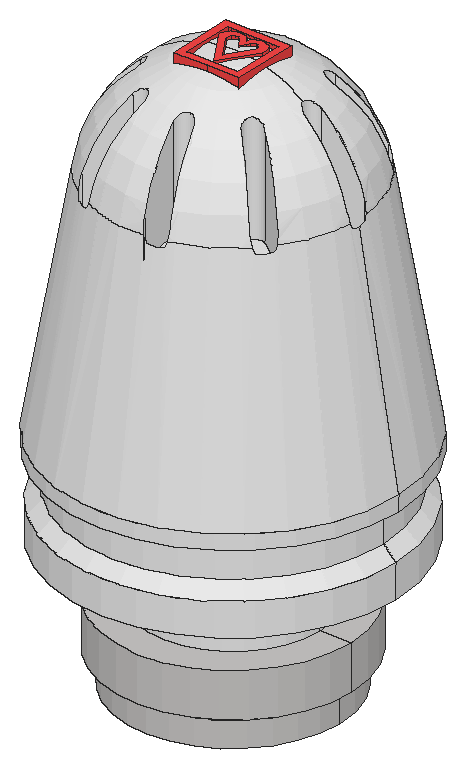
Revit family "HERZ-Thermostatkopf MINI Turbo M28x1.5 9200 16", category Rohrzubehör, Revit 2019
Family settings
  Bemaßung runder Anschluss = Durchmesser verwenden
  Teiletyp = Normal
  OmniClass-Nummer = 23.65.55.14
  OmniClass-Titel = Valves for Liquid Services
  Arbeitsebenenbasiert = Nein
  Immer vertikal = Nein
  Beim Laden mit Abzugskörper schneiden = Nein
  Gemeinsam genutzt = Nein
Parameters
  URL = "www.herz-armaturen.at"
  Thermostatkopf = "Kunststoff, weiß"  # constant formula
  Sollwertbereich = "6-28°C"  # constant formula
  S02 = 60 mm  # constant formula
  S01 = 73 mm  # constant formula
  Nullstellung = "Heizkörperthermostat mit Flüssigkeitsfühler (Hydrosensor) mit Stellung „0“, Frostsicherung einstellbar, mit Begrenzung und Blockierung des Sollwertbereiches."
  Hersteller = "HERZ Armaturen Ges.m.b.H."  # constant formula
  Funktionsweise = "Der HERZ-Thermostat dient als Fühl- und Regelelement. Durch die Volumsänderung der Flüssigkeitsfüllung im HERZ-Hydrosensor wird die Schubspindel des Ventils bewegt."
  Frostsicherung bei = 6 °C  # constant formula
  Sollwertbereich Frostsicherung = "6-28°C"  # constant formula
  Frostsicherung = "Heizkörperthermostat  mit  Flüssigkeitsfühler  (Hydrosensor)  mit  automatischer  Frostsicherung  und  Be-grenzung und Blockierung des Sollwertbereiches."
  Bestellnummer = 1920016  # constant formula
  Anwendungen = "Zur Montage auf Ventilen, die für thermostatischen Betrieb eingerichtet sind.Artikelnummern, Dimensionen und Lieferform der HERZ Ventile sind den jeweiligen Produktnormblättern zu entnehmen."
Reference planes
  plane 1 "Mitte (Vorne/hinten)": y = 0
  plane 2: z = 0
  plane 3 "Mitte (Links/rechts)": x = 0
Forms (mm)
  Revolve 1, solid, material "Kunststoff weiß", detail levels fine
    sketch origin (0, 0, 0) x (1, 0, 0) y (0, 0, 1)
      loop
        line (0, 0) -> (0, 73)
        arc (0, 73) -> (-11.397, 68.78) -> (-17.297, 58.156) r 17.5
        arc (-17.297, 58.156) -> (-20.011, 42.065) -> (-22.88, 26) r 1681.293
        line (-22.88, 26) -> (-22.88, 24) -> (-20.75, 24) -> (-20.75, 19.25) -> (-22.5, 17.5) -> (-22.5, 13) -> (-12.8, 13)
        arc (-12.8, 13) -> (-12.234, 12.766) -> (-12, 12.2) r 0.8
        line (-12, 12.2) -> (-12, 4.8) -> (-13.2, 4.8) -> (-13.2, 0) -> (0, 0)
      axis (0, 73) -> (0, 0)
    angle from 0 to 360
  Revolve 2, solid, material "Messing verzinkt", detail levels fine
    sketch origin (0, 0, 0) x (1, 0, 0) y (0, 0, 1)
      loop
        line (0, 0) -> (0, 5.5) -> (-16.35, 5.5) -> (-16.35, -0.576) -> (-14.75, -1.5) -> (-14.75, -5) -> (-13.35, -5) -> (-13.35, 0) -> (0, 0)
      axis (0, 5.5) -> (0, -5)
    angle from 0 to 360
  Extrusion 3, void
    sketch origin (0, 0, 0) x (1, 0, 0) y (0, 1, 0)
      loop
        arc (11.027, 1.298) -> (9.8, 0) -> (11.027, -1.298) r 1.3
        line (11.027, -1.298) -> (16.77, -1.62)
        arc (16.77, -1.62) -> (17.178, -1.485) -> (17.384, -1.107) r 0.586
        arc (17.384, -1.107) -> (17.453, 0.011) -> (17.382, 1.129) r 9
        arc (17.382, 1.129) -> (17.183, 1.492) -> (16.79, 1.621) r 0.564
        line (16.79, 1.621) -> (11.027, 1.298)
      loop
        line (9.282, 6.094) -> (13.904, 9.55)
        arc (13.904, 9.55) -> (14.121, 9.902) -> (14.04, 10.308) r 0.564
        arc (14.04, 10.308) -> (13.376, 11.21) -> (12.605, 12.023) r 9
        arc (12.605, 12.023) -> (12.205, 12.18) -> (11.805, 12.021) r 0.586
        line (11.805, 12.021) -> (7.613, 8.082)
        arc (7.613, 8.082) -> (7.507, 6.299) -> (9.282, 6.094) r 1.3
      loop
        arc (0.637, 11.085) -> (1.702, 9.651) -> (3.193, 10.634) r 1.3
        line (3.193, 10.634) -> (4.508, 16.234)
        arc (4.508, 16.234) -> (4.445, 16.659) -> (4.109, 16.928) r 0.586
        arc (4.109, 16.928) -> (3.02, 17.189) -> (1.907, 17.313) r 9
        arc (1.907, 17.313) -> (1.515, 17.181) -> (1.319, 16.816) r 0.564
        line (1.319, 16.816) -> (0.637, 11.085)
      loop
        line (-4.39, 10.199) -> (-6.991, 15.351)
        arc (-6.991, 15.351) -> (-7.3, 15.626) -> (-7.713, 15.617) r 0.564
        arc (-7.713, 15.617) -> (-8.717, 15.12) -> (-9.651, 14.501) r 9
        arc (-9.651, 14.501) -> (-9.875, 14.134) -> (-9.788, 13.713) r 0.586
        line (-9.788, 13.713) -> (-6.638, 8.901)
        arc (-6.638, 8.901) -> (-4.9, 8.487) -> (-4.39, 10.199) r 1.3
      loop
        arc (-10.806, 2.552) -> (-9.209, 3.352) -> (-9.918, 4.991) r 1.3
        line (-9.918, 4.991) -> (-15.204, 7.258)
        arc (-15.204, 7.258) -> (-15.634, 7.271) -> (-15.957, 6.986) r 0.586
        arc (-15.957, 6.986) -> (-16.404, 5.959) -> (-16.719, 4.884) r 9
        arc (-16.719, 4.884) -> (-16.657, 4.475) -> (-16.332, 4.219) r 0.564
        line (-16.332, 4.219) -> (-10.806, 2.552)
      loop
        line (-10.806, -2.552) -> (-16.332, -4.219)
        arc (-16.332, -4.219) -> (-16.657, -4.475) -> (-16.719, -4.884) r 0.564
        arc (-16.719, -4.884) -> (-16.404, -5.959) -> (-15.957, -6.986) r 9
        arc (-15.957, -6.986) -> (-15.634, -7.271) -> (-15.204, -7.258) r 0.586
        line (-15.204, -7.258) -> (-9.918, -4.991)
        arc (-9.918, -4.991) -> (-9.209, -3.352) -> (-10.806, -2.552) r 1.3
      loop
        arc (9.282, -6.094) -> (7.507, -6.299) -> (7.613, -8.082) r 1.3
        line (7.613, -8.082) -> (11.805, -12.021)
        arc (11.805, -12.021) -> (12.205, -12.18) -> (12.605, -12.023) r 0.586
        arc (12.605, -12.023) -> (13.376, -11.21) -> (14.04, -10.308) r 9
        arc (14.04, -10.308) -> (14.121, -9.902) -> (13.904, -9.55) r 0.564
        line (13.904, -9.55) -> (9.282, -6.094)
      loop
        line (0.637, -11.085) -> (1.319, -16.816)
        arc (1.319, -16.816) -> (1.515, -17.181) -> (1.907, -17.313) r 0.564
        arc (1.907, -17.313) -> (3.02, -17.189) -> (4.109, -16.928) r 9
        arc (4.109, -16.928) -> (4.445, -16.659) -> (4.508, -16.234) r 0.586
        line (4.508, -16.234) -> (3.193, -10.634)
        arc (3.193, -10.634) -> (1.702, -9.651) -> (0.637, -11.085) r 1.3
      loop
        arc (-4.39, -10.199) -> (-4.9, -8.487) -> (-6.638, -8.901) r 1.3
        line (-6.638, -8.901) -> (-9.788, -13.713)
        arc (-9.788, -13.713) -> (-9.875, -14.134) -> (-9.651, -14.501) r 0.586
        arc (-9.651, -14.501) -> (-8.717, -15.12) -> (-7.713, -15.617) r 9
        arc (-7.713, -15.617) -> (-7.3, -15.626) -> (-6.991, -15.351) r 0.564
        line (-6.991, -15.351) -> (-4.39, -10.199)
    from 55 to 73
Cuts and joins
  Extrusion 3 cuts Revolve 1
Lines and regions (mm)
  model lines, detail levels coarse+medium
    curve 1: line (0, 0, 0) -> (0, 0, 13)
    curve 2: line (0, -0.017, 0) -> (0, 13, 0)
    curve 3: circle (0, 0, 43) r 30 normal (0, -1, 0)
    curve 4: line (0, 0, 23) -> (0, 0, 63)
    curve 5: line (-17.5, 0, 63) -> (17.5, 0, 63)
    curve 6: circle (0, -0.017, 43) r 30 normal (1, 0, 0)
    curve 7: line (0, -0.017, 23) -> (0, -0.017, 63)
    curve 8: line (0, 17.483, 63) -> (0, -17.517, 63)
    curve 9: circle (0, 43, 0) r 30 normal (0, 0, 1)
    curve 10: line (0, 23, 0) -> (0, 63, 0)
    curve 11: line (-17.5, 63, 0) -> (17.5, 63, 0)
Dimensions and locks
  "S01": curve 3 to plane 2
  "S01": curve 6 to plane 2
  "S01": plane 1 "Mitte (Vorne/hinten)" to curve 9
  "S02": diameter of curve 3
  "S02": diameter of curve 6
  "S02": diameter of curve 9
  aligned and locked: level to plane 2
Automatic sketch dimensions
  Revolve 1 sketch curve to level = 0 mm
  Revolve 1 sketch curve to plane 3 "Mitte (Links/rechts)" = 0 mm  (x2)
  Revolve 1 sketch curve to plane 3 "Mitte (Links/rechts)" = 12 mm
  Revolve 1 sketch curve to Revolve 1 sketch curve = 0.8 mm
  Revolve 1 sketch curve to Revolve 1 sketch curve = 1.2 mm
  Revolve 1 sketch curve to Revolve 1 sketch curve = 7.95 mm
  Revolve 1 sketch curve to Revolve 1 sketch curve = 1.75 mm  (x2)
  Revolve 1 sketch curve to Revolve 1 sketch curve = 2.13 mm
  level to Revolve 1 sketch curve = 329.658 mm
  Revolve 1 sketch curve to plane 3 "Mitte (Links/rechts)" = 1676.524 mm
  level to Revolve 1 sketch curve = 4.8 mm
  Revolve 1 sketch curve to Revolve 1 sketch curve = 7.4 mm
  Revolve 1 sketch curve to Revolve 1 sketch curve = 4.5 mm
  Revolve 1 sketch curve to Revolve 1 sketch curve = 4.75 mm
  Revolve 1 sketch curve to Revolve 1 sketch curve = 2 mm
  Revolve 1 sketch curve to Revolve 1 sketch curve = 29.5 mm
  Revolve 1 sketch curve to Revolve 1 sketch curve = 17.5 mm
  Revolve 1 sketch curve to level = 366.045 mm
  Revolve 1 sketch curve to Revolve 1 sketch curve = 2141.315 mm
  Revolve 2 sketch curve to level = 0 mm
  Revolve 2 sketch curve to plane 3 "Mitte (Links/rechts)" = 0 mm  (x2)
  Revolve 2 sketch curve to level = 5 mm
  Revolve 2 sketch curve to plane 3 "Mitte (Links/rechts)" = 13.35 mm
  Revolve 2 sketch curve to Revolve 2 sketch curve = 1.4 mm
  Revolve 2 sketch curve to level = 0.576 mm
  Revolve 2 sketch curve to Revolve 2 sketch curve = 1.6 mm
  Revolve 2 sketch curve to level = 1.5 mm
  level to Revolve 2 sketch curve = 5.5 mm
  Revolve 2 sketch curve to Revolve 2 sketch curve = 361.045 mm
  Revolve 2 sketch curve to Revolve 2 sketch curve = 2208.815 mm
  plane 1 "Mitte (Vorne/hinten)" to Extrusion 3 sketch curve = 0 mm  (x2)
  Extrusion 3 sketch curve to plane 1 "Mitte (Vorne/hinten)" = 4.219 mm
  Extrusion 3 sketch curve to plane 3 "Mitte (Links/rechts)" = 16.332 mm
  plane 1 "Mitte (Vorne/hinten)" to Extrusion 3 sketch curve = 4.219 mm
  Extrusion 3 sketch curve to Extrusion 3 sketch curve = 0 mm  (x11)
  Extrusion 3 sketch curve to Extrusion 3 sketch curve = 0.163 mm  (x2)
  Extrusion 3 sketch curve to Extrusion 3 sketch curve = 0.734 mm  (x2)
  plane 1 "Mitte (Vorne/hinten)" to Extrusion 3 sketch curve = 7.258 mm
  Extrusion 3 sketch curve to Extrusion 3 sketch curve = 0.231 mm  (x2)
  Extrusion 3 sketch curve to plane 1 "Mitte (Vorne/hinten)" = 7.258 mm
  plane 1 "Mitte (Vorne/hinten)" to Extrusion 3 sketch curve = 2.552 mm
  Extrusion 3 sketch curve to Extrusion 3 sketch curve = 5.526 mm
  Extrusion 3 sketch curve to plane 1 "Mitte (Vorne/hinten)" = 2.552 mm
  Extrusion 3 sketch curve to Extrusion 3 sketch curve = 0.375 mm  (x2)
  Extrusion 3 sketch curve to Extrusion 3 sketch curve = 0.512 mm  (x2)
  Extrusion 3 sketch curve to Extrusion 3 sketch curve = 5.416 mm  (x2)
  Extrusion 3 sketch curve to Extrusion 3 sketch curve = 0.49 mm  (x2)
  Extrusion 3 sketch curve to Extrusion 3 sketch curve = 2.488 mm  (x2)
  Extrusion 3 sketch curve to Extrusion 3 sketch curve = 1.803 mm  (x2)
  Extrusion 3 sketch curve to Extrusion 3 sketch curve = 0.504 mm  (x2)
  Extrusion 3 sketch curve to Extrusion 3 sketch curve = 3.281 mm  (x2)
  Extrusion 3 sketch curve to Extrusion 3 sketch curve = 1.088 mm  (x2)
  Extrusion 3 sketch curve to Extrusion 3 sketch curve = 1.16 mm  (x2)
  Extrusion 3 sketch curve to Extrusion 3 sketch curve = 1.324 mm  (x2)
  plane 3 "Mitte (Links/rechts)" to Extrusion 3 sketch curve = 0.637 mm  (x2)
  plane 3 "Mitte (Links/rechts)" to Extrusion 3 sketch curve = 1.319 mm  (x2)
  plane 3 "Mitte (Links/rechts)" to Extrusion 3 sketch curve = 1.468 mm  (x2)
  Extrusion 3 sketch curve to Extrusion 3 sketch curve = 0.561 mm  (x2)
  Extrusion 3 sketch curve to Extrusion 3 sketch curve = 1.291 mm  (x2)
  Extrusion 3 sketch curve to Extrusion 3 sketch curve = 1.266 mm  (x2)
  Extrusion 3 sketch curve to Extrusion 3 sketch curve = 2.058 mm  (x2)
  Extrusion 3 sketch curve to Extrusion 3 sketch curve = 0.57 mm  (x2)
  Extrusion 3 sketch curve to Extrusion 3 sketch curve = 5.007 mm  (x2)
  Extrusion 3 sketch curve to Extrusion 3 sketch curve = 1.138 mm  (x2)
  Extrusion 3 sketch curve to Extrusion 3 sketch curve = 1.978 mm
  Extrusion 3 sketch curve to Extrusion 3 sketch curve = 0.89 mm  (x2)
  Extrusion 3 sketch curve to Extrusion 3 sketch curve = 0.779 mm  (x2)
  plane 1 "Mitte (Vorne/hinten)" to Extrusion 3 sketch curve = 1.298 mm
  Extrusion 3 sketch curve to Extrusion 3 sketch curve = 2.575 mm
  Extrusion 3 sketch curve to Extrusion 3 sketch curve = 0.073 mm
  Extrusion 3 sketch curve to Extrusion 3 sketch curve = 4.192 mm  (x2)
  Extrusion 3 sketch curve to Extrusion 3 sketch curve = 0.401 mm  (x2)
  Extrusion 3 sketch curve to Extrusion 3 sketch curve = 1.36 mm  (x2)
  Extrusion 3 sketch curve to Extrusion 3 sketch curve = 0.338 mm  (x2)
  plane 1 "Mitte (Vorne/hinten)" to Extrusion 3 sketch curve = 1.62 mm
  Extrusion 3 sketch curve to Extrusion 3 sketch curve = 5.743 mm
  Extrusion 3 sketch curve to plane 1 "Mitte (Vorne/hinten)" = 1.621 mm
  Extrusion 3 sketch curve to Extrusion 3 sketch curve = 0.02 mm
  Extrusion 3 sketch curve to Extrusion 3 sketch curve = 0.033 mm
  Extrusion 3 sketch curve to Extrusion 3 sketch curve = 0.032 mm
  plane 1 "Mitte (Vorne/hinten)" to Extrusion 3 sketch curve = 7.32 mm
  Extrusion 3 sketch curve to Extrusion 3 sketch curve = 6.784 mm
  Extrusion 3 sketch curve to Extrusion 3 sketch curve = 1.004 mm
  Extrusion 3 sketch curve to Extrusion 3 sketch curve = 1.581 mm  (x2)
  Extrusion 3 sketch curve to Extrusion 3 sketch curve = 1.468 mm
  Extrusion 3 sketch curve to Extrusion 3 sketch curve = 0.712 mm  (x2)
  Extrusion 3 sketch curve to Extrusion 3 sketch curve = 0.452 mm  (x2)
  Extrusion 3 sketch curve to Extrusion 3 sketch curve = 2.31 mm  (x2)
  Extrusion 3 sketch curve to Extrusion 3 sketch curve = 0.297 mm  (x2)
  Extrusion 3 sketch curve to Extrusion 3 sketch curve = 1.591 mm  (x2)
  Extrusion 3 sketch curve to Extrusion 3 sketch curve = 0.427 mm  (x2)
  Extrusion 3 sketch curve to Extrusion 3 sketch curve = 4.812 mm  (x2)
  Extrusion 3 sketch curve to Extrusion 3 sketch curve = 0.321 mm  (x2)
  Extrusion 3 sketch curve to Extrusion 3 sketch curve = 1.063 mm  (x2)
  Extrusion 3 sketch curve to Extrusion 3 sketch curve = 0.254 mm  (x2)
  Extrusion 3 sketch curve to Extrusion 3 sketch curve = 5.599 mm  (x2)
  Extrusion 3 sketch curve to Extrusion 3 sketch curve = 0.134 mm  (x2)
  Extrusion 3 sketch curve to Extrusion 3 sketch curve = 0.382 mm  (x2)
  Extrusion 3 sketch curve to Extrusion 3 sketch curve = 0.067 mm  (x2)
  Extrusion 3 sketch curve to Extrusion 3 sketch curve = 0.947 mm
  Extrusion 3 sketch curve to Extrusion 3 sketch curve = 0.539 mm  (x2)
  Extrusion 3 sketch curve to Extrusion 3 sketch curve = 1.702 mm
  Extrusion 3 sketch curve to Extrusion 3 sketch curve = 2.439 mm
  Extrusion 3 sketch curve to Extrusion 3 sketch curve = 0.54 mm  (x2)
  Extrusion 3 sketch curve to Extrusion 3 sketch curve = 0.905 mm
  Extrusion 3 sketch curve to Extrusion 3 sketch curve = 0.585 mm
  Extrusion 3 sketch curve to Extrusion 3 sketch curve = 0.564 mm
  Extrusion 3 sketch curve to Extrusion 3 sketch curve = 0.339 mm
  Extrusion 3 sketch curve to Extrusion 3 sketch curve = 1.245 mm
  Extrusion 3 sketch curve to plane 1 "Mitte (Vorne/hinten)" = 5.433 mm
  Extrusion 3 sketch curve to Extrusion 3 sketch curve = 0.661 mm
  Extrusion 3 sketch curve to Extrusion 3 sketch curve = 1.041 mm
  Extrusion 3 sketch curve to Extrusion 3 sketch curve = 4.429 mm
  Extrusion 3 sketch curve to Extrusion 3 sketch curve = 2.891 mm
  Extrusion 3 sketch curve to Extrusion 3 sketch curve = 3.456 mm
  Extrusion 3 sketch curve to plane 1 "Mitte (Vorne/hinten)" = 1.298 mm  (x2)
  plane 1 "Mitte (Vorne/hinten)" to curve 6 = 0.017 mm
  plane 1 "Mitte (Vorne/hinten)" to curve 7 = 0.017 mm
  curve 8 to curve 7 = 17.5 mm
  curve 8 to plane 1 "Mitte (Vorne/hinten)" = 17.483 mm
  curve 7 to curve 6 = 20 mm
  curve 6 to curve 8 = 20 mm
  curve 3 to plane 3 "Mitte (Links/rechts)" = 0 mm
  curve 4 to plane 3 "Mitte (Links/rechts)" = 0 mm
  curve 1 to plane 3 "Mitte (Links/rechts)" = 0 mm
  curve 1 to level = 0 mm
  curve 5 to curve 4 = 17.5 mm
  plane 3 "Mitte (Links/rechts)" to curve 5 = 17.5 mm
  curve 1 to curve 4 = 10 mm
  curve 3 to curve 5 = 20 mm
  curve 9 to plane 3 "Mitte (Links/rechts)" = 0 mm
  curve 10 to plane 3 "Mitte (Links/rechts)" = 0 mm
  curve 2 to plane 3 "Mitte (Links/rechts)" = 0 mm
  curve 11 to curve 10 = 17.5 mm
  plane 3 "Mitte (Links/rechts)" to curve 11 = 17.5 mm
  plane 1 "Mitte (Vorne/hinten)" to curve 2 = 0.017 mm
  curve 2 to curve 10 = 10 mm
  curve 9 to curve 11 = 20 mm
Nested families
  nested 1: "Herz-Logo" at (0, 0, 71.5), type "Herz-Logo", detail levels fine
Definition of nested family "Herz-Logo"
  Reference planes
    plane 1 "Mitte (Vorne/hinten)": y = 0
    plane 2: z = 0
    plane 3 "Mitte (Links/rechts)": x = 0
  Forms (mm)
    Extrusion 1, solid
      sketch origin (0, 0, 0) x (1, 0, 0) y (0, 1, 0)
        loop
          line (-0.018, -4.517) -> (4.482, -4.517) -> (4.482, 4.483) -> (-4.518, 4.483) -> (-4.518, -4.517) -> (-0.018, -4.517)
        loop
          line (-0.05, -3.48) -> (3.482, -3.48) -> (3.482, 3.483) -> (-3.518, 3.483) -> (-3.518, -3.48) -> (-0.05, -3.48)
        loop
          arc (-0.018, 2.383) -> (-1.543, 3.287) -> (-3.067, 2.383) r 1.738
          arc (-3.067, 2.383) -> (-3.191, 1.899) -> (-3.067, 1.415) r 1.009
          line (-3.067, 1.415) -> (-0.018, -3.281) -> (3.032, 1.415)
          arc (3.032, 1.415) -> (3.156, 1.899) -> (3.032, 2.383) r 1.009
          arc (3.032, 2.383) -> (1.507, 3.287) -> (-0.018, 2.383) r 1.738
        loop
          arc (1.885, 1.272) -> (2.005, 1.675) -> (1.885, 2.079) r 0.74
          arc (1.885, 2.079) -> (1.265, 2.416) -> (0.644, 2.079) r 0.74
          line (0.644, 2.079) -> (-0.018, 0.97) -> (-0.679, 2.079)
          arc (-0.679, 2.079) -> (-1.3, 2.416) -> (-1.921, 2.079) r 0.74
          arc (-1.921, 2.079) -> (-2.04, 1.675) -> (-1.921, 1.272) r 0.74
          line (-1.921, 1.272) -> (-0.018, -1.658) -> (1.885, 1.272)
      from 0 to 1.5
  Dimensions and locks
    aligned and locked: level to plane 2
